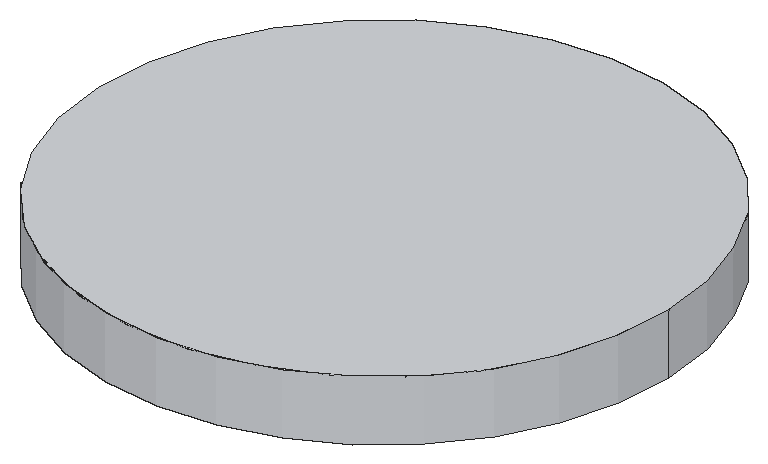
Revit family "DPH0", category Generic Models, host Face, Revit 2015
Parameters (values of type "BUZON_DPH0")
  Youtube clip = ""
  Weight Net (Kg) = "0"
  Uniformat II Description = "Floor Construction"
  Uniformat II Code = "B1010"
  Uniclass 2015 Name = "External floor tiling systems"
  Uniclass 2015 Code = "Ss_30_42_32_30"
  Uniclass 2.0 Description = "Flooring And Decking Systems"
  Uniclass 2.0 Code = "SS-20-20"
  Uniclass 1.4 Description = "Floor units"
  Uniclass 1.4 Code = "L83121"
  UNSPSC Code = "301617"
  Technical description = ""
  Region South America = "All"
  Region Oceania = "All"
  Region North America = "All"
  Region Middle East = "All"
  Region Europe = "All"
  Region Asia = "All"
  Region Antarctica = "All"
  Region Africa = "All"
  QR code = "http://bimobject.com/buzon/product/DPH-0"
  Product url = "http://www.buzon-world.com/en_US/products/dph-series.html"
  Product group = "Pedestal"
  Product family = "DPH"
  Product data url = "https://bimobject.com/buzon/product/DPH-0"
  Product certification = ""
  Product SKU = "DPH-0"
  Product Guid = "b13e351f-78b3-41c2-9b8d-0505fb8808e8"
  Pedestal Material = Default_DPH_Material
  OmniClass Description = "Flooring Specialties and Accessories"
  OmniClass Code = "23-15 17 11"
  Nominal width = 0.00 mm
  Nominal height = 0.00 mm
  NBS Reference Description = "Flooring And Decking Systems"
  NBS Reference Code = "20-20"
  Material secondary = "Polypropylene"
  Material main = "Polypropylene"
  Masterformat 2014 Description = ""
  Masterformat 2014 Code = ""
  Manufacturer name = "Buzon"
  Manufacturer country = "Belgium"
  Installation instructions = ""
  IFC Classification = "Building Element"
  Height [instance] = 17.00 mm  # constant formula
  Default Elevation = 1200.00 mm
  Edition number = 1
  EAN code = ""
  Design country = "Belgium"
  Date of publishing = "12/21/2016"
  COBIe Type Category = ""
  Brand url = "http://www.buzon-world.com/en_US/home.html"
  BIMobject category = "Systems"
Reference planes
  plane 1 "Center (Front/Back)": y = 0
  plane 2: z = 0
  plane 3 "Center (Left/Right)": x = 0
  plane 4: x = 1219.2
  plane 5: x = -1219.2
  plane 6: z = 17
Forms (mm)
  Extrusion 1, solid, not visible
    sketch origin (0, 0, 0) x (1, 0, 0) y (0, 1, 0)
      loop
        circle (0, 0) r 100
    from 338.467 to 360
Dimensions and locks
  "Height": plane 6 to host face
  aligned and locked: plane 2 to host face
  aligned and locked: level to host face
Automatic sketch dimensions
  host sketch curve to host sketch curve = 2438.40 mm  (x2)
Nested families
  nested 1: "DPH-00" at (0, 0, 0), type "Default"
Definition of nested family "DPH-00"
  Parameters (values of type "Default")
    Youtube clip = ""
    Weight Net (Kg) = 0
    Uniformat II Description = ""
    Uniformat II Code = ""
    Uniclass 2015 Name = ""
    Uniclass 2015 Code = ""
    Uniclass 2.0 Description = ""
    Uniclass 2.0 Code = ""
    Uniclass 1.4 Description = ""
    Uniclass 1.4 Code = ""
    UNSPSC Code = ""
    Technical description = ""
    Region South America = "All"
    Region Oceania = "All"
    Region North America = "All"
    Region Middle East = "All"
    Region Europe = "All"
    Region Asia = "All"
    Region Antarctica = "All"
    Region Africa = "All"
    Product group = ""
    Product family = ""
    Product certification = ""
    Product Guid = "4c18444a-81e5-491c-bd44-c98c617819f1"
    OmniClass Description = ""
    OmniClass Code = ""
    Nominal width = 0
    Nominal height = 0
    NBS Reference Description = ""
    NBS Reference Code = ""
    Material secondary = ""
    Material main = ""
    Material = none
    Masterformat 2014 Description = ""
    Masterformat 2014 Code = ""
    Manufacturer country = ""
    Installation instructions = ""
    IFC Classification = "Furniture"
    Edition number = 1
    EAN code = ""
    Design country = ""
    Date of publishing = ""
    COBIe Type Category = ""
    BOS_9_Visibility = 1
    BOS_9_Red = 127
    BOS_9_Native_Visibility = and(BOSUseNativeGeometries = 1, BOS_9_Visibility = 1)  # yes
    BOS_9_Material = none
    BOS_9_Green = 127
    BOS_9_Blue = 127
    BOS_9_127_127_127_Visibility = and(BOSUseNativeGeometries = 0, and(BOS_9_Visibility = 1, and(BOS_9_Red = 127, and(BOS_9_Green = 127, BOS_9_Blue = 127))))  # no
    BOS_8_Visibility = 1
    BOS_8_Red = 127
    BOS_8_Native_Visibility = and(BOSUseNativeGeometries = 1, BOS_8_Visibility = 1)  # yes
    BOS_8_Material = none
    BOS_8_Green = 127
    BOS_8_Blue = 127
    BOS_8_127_127_127_Visibility = and(BOSUseNativeGeometries = 0, and(BOS_8_Visibility = 1, and(BOS_8_Red = 127, and(BOS_8_Green = 127, BOS_8_Blue = 127))))  # no
    BOS_7_Visibility = 1
    BOS_7_Red = 127
    BOS_7_Native_Visibility = and(BOSUseNativeGeometries = 1, BOS_7_Visibility = 1)  # yes
    BOS_7_Material = none
    BOS_7_Green = 127
    BOS_7_Blue = 127
    BOS_7_127_127_127_Visibility = and(BOSUseNativeGeometries = 0, and(BOS_7_Visibility = 1, and(BOS_7_Red = 127, and(BOS_7_Green = 127, BOS_7_Blue = 127))))  # no
    BOS_6_Visibility = 1
    BOS_6_Red = 127
    BOS_6_Native_Visibility = and(BOSUseNativeGeometries = 1, BOS_6_Visibility = 1)  # yes
    BOS_6_Material = none
    BOS_6_Green = 127
    BOS_6_Blue = 127
    BOS_6_127_127_127_Visibility = and(BOSUseNativeGeometries = 0, and(BOS_6_Visibility = 1, and(BOS_6_Red = 127, and(BOS_6_Green = 127, BOS_6_Blue = 127))))  # no
    BOS_5_Visibility = 1
    BOS_5_Red = 127
    BOS_5_Native_Visibility = and(BOSUseNativeGeometries = 1, BOS_5_Visibility = 1)  # yes
    BOS_5_Material = none
    BOS_5_Green = 127
    BOS_5_Blue = 127
    BOS_5_127_127_127_Visibility = and(BOSUseNativeGeometries = 0, and(BOS_5_Visibility = 1, and(BOS_5_Red = 127, and(BOS_5_Green = 127, BOS_5_Blue = 127))))  # no
    BOS_4_Visibility = 1
    BOS_4_Red = 127
    BOS_4_Native_Visibility = and(BOSUseNativeGeometries = 1, BOS_4_Visibility = 1)  # yes
    BOS_4_Material = none
    BOS_4_Green = 127
    BOS_4_Blue = 127
    BOS_4_127_127_127_Visibility = and(BOSUseNativeGeometries = 0, and(BOS_4_Visibility = 1, and(BOS_4_Red = 127, and(BOS_4_Green = 127, BOS_4_Blue = 127))))  # no
    BOS_3_Visibility = 1
    BOS_3_Red = 127
    BOS_3_Native_Visibility = and(BOSUseNativeGeometries = 1, BOS_3_Visibility = 1)  # yes
    BOS_3_Material = none
    BOS_3_Green = 127
    BOS_3_Blue = 127
    BOS_3_127_127_127_Visibility = and(BOSUseNativeGeometries = 0, and(BOS_3_Visibility = 1, and(BOS_3_Red = 127, and(BOS_3_Green = 127, BOS_3_Blue = 127))))  # no
    BOS_2_Visibility = 1
    BOS_2_Red = 127
    BOS_2_Native_Visibility = and(BOSUseNativeGeometries = 1, BOS_2_Visibility = 1)  # yes
    BOS_2_Material = none
    BOS_2_Green = 127
    BOS_2_Blue = 127
    BOS_2_127_127_127_Visibility = and(BOSUseNativeGeometries = 0, and(BOS_2_Visibility = 1, and(BOS_2_Red = 127, and(BOS_2_Green = 127, BOS_2_Blue = 127))))  # no
    BOS_22_Visibility = 1
    BOS_22_Red = 127
    BOS_22_Native_Visibility = and(BOSUseNativeGeometries = 1, BOS_22_Visibility = 1)  # yes
    BOS_22_Material = none
    BOS_22_Green = 127
    BOS_22_Blue = 127
    BOS_22_127_127_127_Visibility = and(BOSUseNativeGeometries = 0, and(BOS_22_Visibility = 1, and(BOS_22_Red = 127, and(BOS_22_Green = 127, BOS_22_Blue = 127))))  # no
    BOS_21_Visibility = 1
    BOS_21_Red = 127
    BOS_21_Native_Visibility = and(BOSUseNativeGeometries = 1, BOS_21_Visibility = 1)  # yes
    BOS_21_Material = none
    BOS_21_Green = 127
    BOS_21_Blue = 127
    BOS_21_127_127_127_Visibility = and(BOSUseNativeGeometries = 0, and(BOS_21_Visibility = 1, and(BOS_21_Red = 127, and(BOS_21_Green = 127, BOS_21_Blue = 127))))  # no
    BOS_20_Visibility = 1
    BOS_20_Red = 127
    BOS_20_Native_Visibility = and(BOSUseNativeGeometries = 1, BOS_20_Visibility = 1)  # yes
    BOS_20_Material = none
    BOS_20_Green = 127
    BOS_20_Blue = 127
    BOS_20_127_127_127_Visibility = and(BOSUseNativeGeometries = 0, and(BOS_20_Visibility = 1, and(BOS_20_Red = 127, and(BOS_20_Green = 127, BOS_20_Blue = 127))))  # no
    BOS_1_Visibility = 1
    BOS_1_Red = 127
    BOS_1_Native_Visibility = and(BOSUseNativeGeometries = 1, BOS_1_Visibility = 1)  # yes
    BOS_1_Material = none
    BOS_1_Green = 127
    BOS_1_Blue = 127
    BOS_1_127_127_127_Visibility = and(BOSUseNativeGeometries = 0, and(BOS_1_Visibility = 1, and(BOS_1_Red = 127, and(BOS_1_Green = 127, BOS_1_Blue = 127))))  # no
    BOS_19_Visibility = 1
    BOS_19_Red = 127
    BOS_19_Native_Visibility = and(BOSUseNativeGeometries = 1, BOS_19_Visibility = 1)  # yes
    BOS_19_Material = none
    BOS_19_Green = 127
    BOS_19_Blue = 127
    BOS_19_127_127_127_Visibility = and(BOSUseNativeGeometries = 0, and(BOS_19_Visibility = 1, and(BOS_19_Red = 127, and(BOS_19_Green = 127, BOS_19_Blue = 127))))  # no
    BOS_18_Visibility = 1
    BOS_18_Red = 127
    BOS_18_Native_Visibility = and(BOSUseNativeGeometries = 1, BOS_18_Visibility = 1)  # yes
    BOS_18_Material = none
    BOS_18_Green = 127
    BOS_18_Blue = 127
    BOS_18_127_127_127_Visibility = and(BOSUseNativeGeometries = 0, and(BOS_18_Visibility = 1, and(BOS_18_Red = 127, and(BOS_18_Green = 127, BOS_18_Blue = 127))))  # no
    BOS_17_Visibility = 1
    BOS_17_Red = 127
    BOS_17_Native_Visibility = and(BOSUseNativeGeometries = 1, BOS_17_Visibility = 1)  # yes
    BOS_17_Material = none
    BOS_17_Green = 127
    BOS_17_Blue = 127
    BOS_17_127_127_127_Visibility = and(BOSUseNativeGeometries = 0, and(BOS_17_Visibility = 1, and(BOS_17_Red = 127, and(BOS_17_Green = 127, BOS_17_Blue = 127))))  # no
    BOS_16_Visibility = 1
    BOS_16_Red = 127
    BOS_16_Native_Visibility = and(BOSUseNativeGeometries = 1, BOS_16_Visibility = 1)  # yes
    BOS_16_Material = none
    BOS_16_Green = 127
    BOS_16_Blue = 127
    BOS_16_127_127_127_Visibility = and(BOSUseNativeGeometries = 0, and(BOS_16_Visibility = 1, and(BOS_16_Red = 127, and(BOS_16_Green = 127, BOS_16_Blue = 127))))  # no
    BOS_15_Visibility = 1
    BOS_15_Red = 127
    BOS_15_Native_Visibility = and(BOSUseNativeGeometries = 1, BOS_15_Visibility = 1)  # yes
    BOS_15_Material = none
    BOS_15_Green = 127
    BOS_15_Blue = 127
    BOS_15_127_127_127_Visibility = and(BOSUseNativeGeometries = 0, and(BOS_15_Visibility = 1, and(BOS_15_Red = 127, and(BOS_15_Green = 127, BOS_15_Blue = 127))))  # no
    BOS_14_Visibility = 1
    BOS_14_Red = 127
    BOS_14_Native_Visibility = and(BOSUseNativeGeometries = 1, BOS_14_Visibility = 1)  # yes
    BOS_14_Material = none
    BOS_14_Green = 127
    BOS_14_Blue = 127
    BOS_14_127_127_127_Visibility = and(BOSUseNativeGeometries = 0, and(BOS_14_Visibility = 1, and(BOS_14_Red = 127, and(BOS_14_Green = 127, BOS_14_Blue = 127))))  # no
    BOS_13_Visibility = 1
    BOS_13_Red = 127
    BOS_13_Native_Visibility = and(BOSUseNativeGeometries = 1, BOS_13_Visibility = 1)  # yes
    BOS_13_Material = none
    BOS_13_Green = 127
    BOS_13_Blue = 127
    BOS_13_127_127_127_Visibility = and(BOSUseNativeGeometries = 0, and(BOS_13_Visibility = 1, and(BOS_13_Red = 127, and(BOS_13_Green = 127, BOS_13_Blue = 127))))  # no
    BOS_12_Visibility = 1
    BOS_12_Red = 127
    BOS_12_Native_Visibility = and(BOSUseNativeGeometries = 1, BOS_12_Visibility = 1)  # yes
    BOS_12_Material = none
    BOS_12_Green = 127
    BOS_12_Blue = 127
    BOS_12_127_127_127_Visibility = and(BOSUseNativeGeometries = 0, and(BOS_12_Visibility = 1, and(BOS_12_Red = 127, and(BOS_12_Green = 127, BOS_12_Blue = 127))))  # no
    BOS_11_Visibility = 1
    BOS_11_Red = 127
    BOS_11_Native_Visibility = and(BOSUseNativeGeometries = 1, BOS_11_Visibility = 1)  # yes
    BOS_11_Material = none
    BOS_11_Green = 127
    BOS_11_Blue = 127
    BOS_11_127_127_127_Visibility = and(BOSUseNativeGeometries = 0, and(BOS_11_Visibility = 1, and(BOS_11_Red = 127, and(BOS_11_Green = 127, BOS_11_Blue = 127))))  # no
    BOS_10_Visibility = 1
    BOS_10_Red = 127
    BOS_10_Native_Visibility = and(BOSUseNativeGeometries = 1, BOS_10_Visibility = 1)  # yes
    BOS_10_Material = none
    BOS_10_Green = 127
    BOS_10_Blue = 127
    BOS_10_127_127_127_Visibility = and(BOSUseNativeGeometries = 0, and(BOS_10_Visibility = 1, and(BOS_10_Red = 127, and(BOS_10_Green = 127, BOS_10_Blue = 127))))  # no
    BOS_0_Visibility = 1
    BOS_0_Red = 127
    BOS_0_Native_Visibility = and(BOSUseNativeGeometries = 1, BOS_0_Visibility = 1)  # yes
    BOS_0_Material = none
    BOS_0_Green = 127
    BOS_0_Blue = 127
    BOS_0_127_127_127_Visibility = and(BOSUseNativeGeometries = 0, and(BOS_0_Visibility = 1, and(BOS_0_Red = 127, and(BOS_0_Green = 127, BOS_0_Blue = 127))))  # no
    BOSUseNativeGeometries = 1
    BIMobject category = ""
  Reference planes
    plane 1 "Center (Front/Back)": y = 0
    plane 2: z = 0
    plane 3 "Center (Left/Right)": x = 0
  Dimensions and locks
    aligned and locked: plane 2 to level
  Imported bodies without a history: 1
